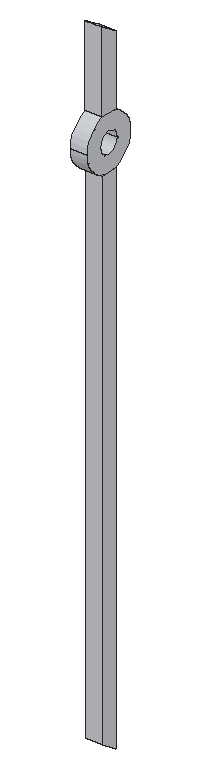
Revit family "난간동자 - 사용자 지정2", category 난간동자, Revit 2026
Family settings
  항상 수직 = 예
  로드될 때 보이드를 사용하여 절단 = 아니오
  공유 = 아니오
Parameters (values of type "20mm")
  built-in parameter 1008623 [instance] = 32.47°
  built-in parameter 1008625 [instance] = (empty or 0)
  Post = no
  built-in parameter 1008624 [instance] = 32.47°
  폭 = 20 mm
  난간동자 재료 = none
  built-in parameter 1008622 [instance] = 762 mm
Types (3, lengths in mm): name | 폭
  (no name) | 20
  25mm | 25
  20mm | 20
Reference planes
  plane 1 "중심 F/B": y = 0
  plane 2: z = 0
  plane 3 "중심 L/R": x = 0
  plane 4 "상단": z = 762
  plane 5 "상단 절단 각도": through (0, 345.134, 542.379) normal (0, -0.5369, -0.8437)
  plane 6: z = 862
  plane 7: z = 609.6
  plane 8: z = 673.1
  plane 9: z = 641.35
  plane 10: z = -100
  plane 11 "하단 절단 각도": through (0, 0, 0) normal (0, -0.5369, -0.8437)
  plane 12: y = 50
  plane 13: x = 50
  plane 14: y = -50
  plane 15: x = -50
Forms (mm)
  Extrusion 1, solid, material <- "난간동자 재료"
    sketch origin (0, 0, 0) x (1, 0, 0) y (0, 1, 0)
      loop
        line (-10, 10) -> (-10, -10) -> (10, -10) -> (10, 10) -> (-10, 10)
    from 673.1 to 862
  Extrusion 2, void
    sketch origin (0, 0, 0) x (0, 1, 0) y (0, 0, 1)
      loop
        line (-50, 862) -> (-50, 793.817) -> (50, 730.183) -> (50, 862) -> (-50, 862)
    from -50 to 50
  Extrusion 3, solid, material <- "난간동자 재료"
    sketch origin (0, 0, 0) x (1, 0, 0) y (0, 1, 0)
      loop
        line (-9.525, 10.475) -> (-9.525, -9.525) -> (10.475, -9.525) -> (10.475, 10.475) -> (-9.525, 10.475)
    from -100 to 609.6
  Extrusion 4, solid, material <- "난간동자 재료"
    sketch origin (0, 0, 0) x (0, 1, 0) y (0, 0, 1)
      loop
        circle (0, 641.35) r 31.75
      loop
        circle (0, 641.35) r 12.7
    from -10 to 10
  Extrusion 5, void
    sketch origin (0, 0, 0) x (0, 1, 0) y (0, 0, 1)
      loop
        line (-50, -100) -> (50, -100) -> (50, -31.817) -> (-50, 31.817) -> (-50, -100)
    from -50 to 50
Cuts and joins
  Extrusion 2, Extrusion 5 cuts Extrusion 1
  Extrusion 5 cuts Extrusion 3
  Extrusion 5 cuts Extrusion 4
Dimensions and locks
  "built-in parameter 1008622": plane 2 to plane 4 "상단"
  locked: plane 4 "상단" to plane 6 at 100
  equal spacing: Extrusion 1 sketch curve, plane 3 "중심 L/R", Extrusion 1 sketch curve
  equal spacing: Extrusion 1 sketch curve, plane 1 "중심 F/B", Extrusion 1 sketch curve
  "폭": Extrusion 1 sketch curve to Extrusion 1 sketch curve  (x2)
  Extrusion 3 sketch curve to Extrusion 3 sketch curve = 20 mm  (x2)
  "폭": Extrusion 3 sketch curve to Extrusion 3 sketch curve  (x2)
  locked: plane 7 to plane 8 at 63.5
  equal spacing: plane 7, plane 9, plane 8
  locked: level to plane 10 at 100
  locked: plane 7 to plane 4 "상단" at 152.4
  locked: plane 15 to plane 3 "중심 L/R" at 50
  locked: plane 3 "중심 L/R" to plane 13 at 50
  locked: plane 1 "중심 F/B" to plane 12 at 50
  locked: plane 14 to plane 1 "중심 F/B" at 50
  "built-in parameter 1008623": angle plane 4 "상단" to plane 5 "상단 절단 각도"
  "built-in parameter 1008624": angle level to plane 11 "하단 절단 각도"
  aligned and locked: Extrusion 1 to plane 6
  aligned and locked: Extrusion 3 to plane 7
  aligned and locked: plane 8 to Extrusion 1
  aligned and locked: Extrusion 4 to cut or joined group of Extrusion 1, Extrusion 2, Extrusion 5  (x2)
  aligned and locked: plane 10 to Extrusion 3
  aligned and locked: plane 15 to Extrusion 2
  aligned and locked: Extrusion 2 to plane 13
  aligned and locked: plane 12 to Extrusion 2 sketch curve
  aligned and locked: plane 14 to Extrusion 2 sketch curve
  aligned and locked: plane 6 to Extrusion 2 sketch curve
  aligned and locked: Extrusion 2 sketch curve to plane 5 "상단 절단 각도"
  aligned and locked: plane 10 to Extrusion 5 sketch curve
  aligned and locked: plane 14 to Extrusion 5 sketch curve
  aligned and locked: Extrusion 5 sketch curve to plane 12
  aligned and locked: Extrusion 5 sketch curve to plane 11 "하단 절단 각도"
  aligned and locked: plane 15 to Extrusion 5
  aligned and locked: Extrusion 5 to plane 13
Automatic sketch dimensions
  Extrusion 3 sketch curve to plane 3 "중심 L/R" = 9.525 mm
  plane 1 "중심 F/B" to Extrusion 3 sketch curve = 9.525 mm
  Extrusion 4 sketch curve to plane 9 = 0 mm  (x2)
  Extrusion 4 sketch curve to plane 1 "중심 F/B" = 0 mm  (x2)
  plane 1 "중심 F/B" to Extrusion 4 sketch curve = 12.7 mm
  Extrusion 4 sketch curve to Extrusion 4 sketch curve = 19.05 mm
